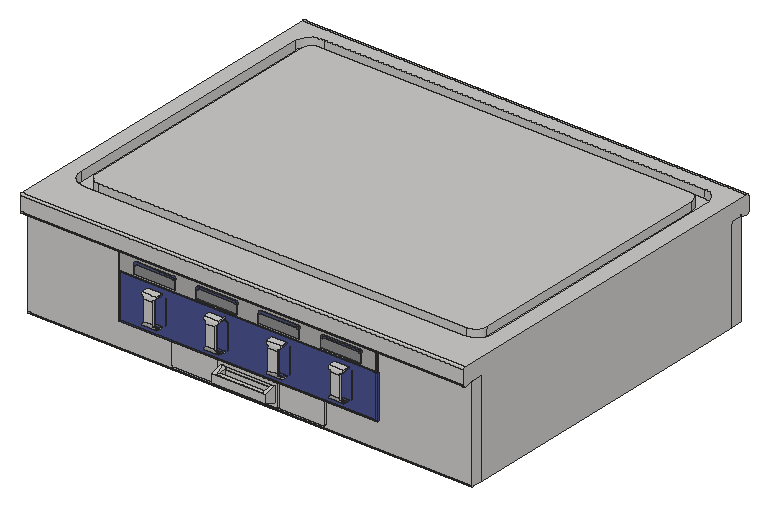
Revit family "QF_ELECTROLUXPROFESSIONAL_588006_MALCAAHOAO", category Specialty Equipment, Revit 2018
Family settings
  Round Connector Dimension = Use Diameter
  Part Type = Normal
  Work Plane-Based = No
  Always vertical = Yes
  Cut with Voids When Loaded = No
  Shared = No
  Room Calculation Point = No
Parameters
  Weight in Pounds = 253.5  # constant formula
  Watts = 12000 VA  # 12000 W
  Volts = 400 V  # constant formula
  URL Cutsheet = ""
  Type Mark [instance] = ""
  Status [instance] = ""
  Specification by User [instance] = ""
  Specification by Manufacturer = ""
  Show Clearance [instance] = yes
  Serial Number = ""
  Seismic Rating = ""
  SMACNA No = ""
  Revision Code [instance] = ""
  Phase = 3  # constant formula
  Omniclass Number and Title = ""
  Number of Poles [instance] = 1
  NAFEM Spec ID Number = ""
  Model = "588006"
  Min Ckt Ampacity = 0 A
  Max Overcurrent Protection = 0 A
  Masterspec = ""
  Manufacturer = "ELECTROLUX"
  Item Number [instance] = ""
  Installed By [instance] = ""
  Identify Quantity as Lot [instance] = yes
  HP = "16.1 HP"
  Furnished By [instance] = ""
  Foodservice Equipment Identifier [instance] = yes
  FL Amps [instance] = if(Phase = 3, Watts / (Volts * 1.73), Watts / Volts)  # 17.341 A
  Electrical Remarks = "400 V/3N ph/50/60 Hz"  # constant formula
  Electric Connection Type [instance] = ""
  Elec Conn RI Height [instance] = 0 mm
  Elec Conn Connection Height [instance] = 0 mm
  Direct Waste Size = 0"
  Description = "EL.SOLID TOP,4 ZONES,1SIDE,1000X800X250H"
  Cycle [instance] = if([60 Hertz Option], 60 Hz, 50 Hz)  # 60 Hz
  Conn Plug = ""
  Conn Conduit = yes
  CSI MasterFormat = ""
  CSI Master Format = ""
  Back Panel [instance] = yes
  Apparent Power [instance] = if(Phase = 3, Volts * FL Amps * 1.73, Volts * FL Amps)  # 12000 VA
  60 Hertz Option [instance] = not([50 Hertz Option])  # yes
  50 Hertz Option [instance] = no
Reference planes
  plane 1 "BACK": y = -100
  plane 2: z = 0
  plane 3 "LEFT": x = 0
  plane 4 "RIGHT": x = 1000
  plane 5 "FRONT": y = -900
  plane 6 "TOP": z = 250
  plane 7: x = 500
  plane 8: y = -500
  plane 9: y = -1330
Forms (mm)
  Extrusion 1, solid, material "QF_Finishes_Stainless Steel"
    sketch origin (0, -487.128, 0) x (0, 1, 0) y (0, 0, 1)
      loop
        line (383.128, 250) -> (-408.872, 250)
        arc (-408.872, 250) -> (-411.7, 248.828) -> (-412.872, 246) r 4
        line (-412.872, 246) -> (-412.872, 214)
        arc (-412.872, 214) -> (-411.443, 210.936) -> (-408.177, 210.061) r 4
        line (-408.177, 210.061) -> (-391.509, 213) -> (-366.872, 213) -> (-366.872, 0) -> (341.128, 0) -> (341.128, 213) -> (365.765, 213) -> (382.433, 210.061)
        arc (382.433, 210.061) -> (385.699, 210.936) -> (387.128, 214) r 4
        line (387.128, 214) -> (387.128, 246)
        arc (387.128, 246) -> (385.956, 248.828) -> (383.128, 250) r 4
    from 0 to 1000
  Extrusion 2, solid, material "QF_Finishes_Stainless Steel", visible <- "Back Panel"
    sketch origin (0, 0, 0) x (0, 1, 0) y (0, 0, 1)
      loop
        line (-146, 0) -> (-120, 0) -> (-120, 215)
        arc (-120, 215) -> (-120.586, 213.586) -> (-122, 213) r 2
        line (-122, 213) -> (-146, 213) -> (-146, 0)
    from 0 to 1000
  Extrusion 3, void
    sketch origin (653.786, -55.952, 250) x (1, 0, 0) y (0, -1, 0)
      loop
        line (274.614, 755.048) -> (-582.186, 755.048)
        arc (-582.186, 755.048) -> (-608.349, 744.211) -> (-619.186, 718.048) r 37
        line (-619.186, 718.048) -> (-619.186, 115.648)
        arc (-619.186, 115.648) -> (-608.349, 89.485) -> (-582.186, 78.648) r 37
        line (-582.186, 78.648) -> (274.614, 78.648)
        arc (274.614, 78.648) -> (300.777, 89.485) -> (311.614, 115.648) r 37
        line (311.614, 115.648) -> (311.614, 718.048)
        arc (311.614, 718.048) -> (300.777, 744.211) -> (274.614, 755.048) r 37
    from 0 to 19.1
  Extrusion 4, solid, material "QF_Finishes_Stainless Steel"
    sketch origin (0, -854, 0) x (1, 0, 0) y (0, -1, 0)
      loop
        circle (955, -169) r 6.35
    from 0 to 3.2
  Extrusion 5, solid, material "QF_Finishes_Stainless Steel"
    sketch origin (653.786, -55.952, 230.9) x (1, 0, 0) y (0, 1, 0)
      loop
        line (260.814, -104.048) -> (-568.386, -104.048)
        arc (-568.386, -104.048) -> (-586.347, -111.488) -> (-593.786, -129.448) r 25.4
        line (-593.786, -129.448) -> (-593.786, -704.248)
        arc (-593.786, -704.248) -> (-586.347, -722.209) -> (-568.386, -729.648) r 25.4
        line (-568.386, -729.648) -> (260.814, -729.648)
        arc (260.814, -729.648) -> (278.774, -722.209) -> (286.214, -704.248) r 25.4
        line (286.214, -704.248) -> (286.214, -129.448)
        arc (286.214, -129.448) -> (278.774, -111.488) -> (260.814, -104.048) r 25.4
    from 0 to 19.1
  Extrusion 6, solid, material "QF_Door-Drawer Clearances", visible <- "Show Clearance", detail levels coarse
    sketch origin (537.31, -881.593, 8.62) x (0, 0, 1) y (-1, 0, 0)
      loop
        line (1.973, -134.295) -> (49.317, -134.295)
        arc (49.317, -134.295) -> (50.776, -133.691) -> (51.38, -132.232) r 2.063
        line (51.38, -132.232) -> (51.38, 206.852)
        arc (51.38, 206.852) -> (50.88, 208.549) -> (49.541, 209.705) r 3.133
        line (49.541, 209.705) -> (3.067, 209.705)
        arc (3.067, 209.705) -> (0.898, 208.807) -> (0, 206.638) r 3.067
        line (0, 206.638) -> (0, -132.322)
        arc (0, -132.322) -> (0.578, -133.717) -> (1.973, -134.295) r 1.973
    from 0 to 448.407
Cuts and joins
  Extrusion 3 cuts Extrusion 1
Lines and regions (mm)
  symbolic lines
    curve 1: line (0, -100, 0) -> (1000, -100, 0)
    curve 2: line (0, -900, 0) -> (0, -100, 0)
    curve 3: line (1000, -900, 0) -> (0, -900, 0)
    curve 4: line (1000, -100, 0) -> (1000, -900, 0)
    curve 5: line (273.641, -902.326, 0) -> (273.641, -900, 0)
    curve 6: spline (279.31, -903.73, 0) -> (278.831, -903.657, 0) -> (278.353, -903.575, 0) -> (277.876, -903.486, 0) -> (277.4, -903.389, 0) -> (276.925, -903.283, 0) -> (276.452, -903.17, 0) -> (275.98, -903.049, 0) -> (275.509, -902.92, 0) -> (275.039, -902.783, 0) -> (274.572, -902.638, 0) -> (274.105, -902.486, 0) -> (273.641, -902.326, 0)
    curve 7: line (305.857, -902.326, 0) -> (305.857, -900, 0)
    curve 8: spline (305.857, -902.326, 0) -> (305.392, -902.486, 0) -> (304.926, -902.638, 0) -> (304.458, -902.783, 0) -> (303.989, -902.92, 0) -> (303.518, -903.049, 0) -> (303.046, -903.17, 0) -> (302.572, -903.283, 0) -> (302.098, -903.389, 0) -> (301.622, -903.486, 0) -> (301.145, -903.575, 0) -> (300.667, -903.657, 0) -> (300.188, -903.73, 0)
    curve 9: line (279.31, -903.73, 0) -> (300.188, -903.73, 0)
    curve 10: line (413.892, -902.326, 0) -> (413.892, -900, 0)
    curve 11: spline (419.561, -903.73, 0) -> (419.082, -903.657, 0) -> (418.604, -903.575, 0) -> (418.127, -903.486, 0) -> (417.651, -903.389, 0) -> (417.177, -903.283, 0) -> (416.703, -903.17, 0) -> (416.231, -903.049, 0) -> (415.76, -902.92, 0) -> (415.29, -902.783, 0) -> (414.823, -902.638, 0) -> (414.357, -902.486, 0) -> (413.892, -902.326, 0)
    curve 12: line (446.108, -902.326, 0) -> (446.108, -900, 0)
    curve 13: spline (446.108, -902.326, 0) -> (445.643, -902.486, 0) -> (445.177, -902.638, 0) -> (444.71, -902.783, 0) -> (444.24, -902.92, 0) -> (443.769, -903.049, 0) -> (443.297, -903.17, 0) -> (442.823, -903.283, 0) -> (442.349, -903.389, 0) -> (441.873, -903.486, 0) -> (441.396, -903.575, 0) -> (440.918, -903.657, 0) -> (440.439, -903.73, 0)
    curve 14: line (419.561, -903.73, 0) -> (440.439, -903.73, 0)
    curve 15: line (726.359, -902.326, 0) -> (726.359, -900, 0)
    curve 16: spline (720.69, -903.73, 0) -> (721.169, -903.657, 0) -> (721.647, -903.575, 0) -> (722.124, -903.486, 0) -> (722.6, -903.389, 0) -> (723.075, -903.283, 0) -> (723.548, -903.17, 0) -> (724.02, -903.049, 0) -> (724.491, -902.92, 0) -> (724.961, -902.783, 0) -> (725.428, -902.638, 0) -> (725.895, -902.486, 0) -> (726.359, -902.326, 0)
    curve 17: line (694.143, -902.326, 0) -> (694.143, -900, 0)
    curve 18: spline (694.143, -902.326, 0) -> (694.608, -902.486, 0) -> (695.074, -902.638, 0) -> (695.542, -902.783, 0) -> (696.011, -902.92, 0) -> (696.482, -903.049, 0) -> (696.954, -903.17, 0) -> (697.428, -903.283, 0) -> (697.902, -903.389, 0) -> (698.378, -903.486, 0) -> (698.855, -903.575, 0) -> (699.333, -903.657, 0) -> (699.812, -903.73, 0)
    curve 19: line (720.69, -903.73, 0) -> (699.812, -903.73, 0)
    curve 20: line (586.108, -902.326, 0) -> (586.108, -900, 0)
    curve 21: spline (580.439, -903.73, 0) -> (580.918, -903.657, 0) -> (581.396, -903.575, 0) -> (581.873, -903.486, 0) -> (582.349, -903.389, 0) -> (582.823, -903.283, 0) -> (583.297, -903.17, 0) -> (583.769, -903.049, 0) -> (584.24, -902.92, 0) -> (584.71, -902.783, 0) -> (585.177, -902.638, 0) -> (585.643, -902.486, 0) -> (586.108, -902.326, 0)
    curve 22: line (553.892, -902.326, 0) -> (553.892, -900, 0)
    curve 23: spline (553.892, -902.326, 0) -> (554.357, -902.486, 0) -> (554.823, -902.638, 0) -> (555.29, -902.783, 0) -> (555.76, -902.92, 0) -> (556.231, -903.049, 0) -> (556.703, -903.17, 0) -> (557.177, -903.283, 0) -> (557.651, -903.389, 0) -> (558.127, -903.486, 0) -> (558.604, -903.575, 0) -> (559.082, -903.657, 0) -> (559.561, -903.73, 0)
    curve 24: line (580.439, -903.73, 0) -> (559.561, -903.73, 0)
    curve 36: line (914.6, -160, 0) -> (85.4, -160, 0)
    curve 37: arc (85.4, -160, 0) -> (67.439, -167.439, 0) -> (60, -185.4, 0) r 25.4
    curve 38: line (60, -185.4, 0) -> (60, -760.2, 0)
    curve 39: arc (60, -760.2, 0) -> (67.439, -778.161, 0) -> (85.4, -785.6, 0) r 25.4
    curve 40: line (85.4, -785.6, 0) -> (914.6, -785.6, 0)
    curve 41: arc (914.6, -785.6, 0) -> (932.561, -778.161, 0) -> (940, -760.2, 0) r 25.4
    curve 42: line (940, -760.2, 0) -> (940, -185.4, 0)
    curve 43: arc (940, -185.4, 0) -> (932.561, -167.439, 0) -> (914.6, -160, 0) r 25.4
    curve 44: line (446.108, -900, 0) -> (447.685, -908.767, 0)
    curve 45: line (447.685, -908.767, 0) -> (550.042, -908.767, 0)
    curve 46: line (550.042, -908.767, 0) -> (551.62, -900, 0)
  symbolic lines, style "QF_Door-Drawer Clearances"
    curve 25: line (327.605, -1330, 0) -> (327.605, -900, 0)
    curve 26: line (327.605, -1330, 0) -> (671.605, -1330, 0)
    curve 27: line (671.605, -1330, 0) -> (671.605, -900, 0)
  symbolic lines, style "SpecialityEquipment"
    curve 28: line (71.6, -134.6, 0) -> (928.4, -134.6, 0)
    curve 29: arc (928.4, -134.6, 0) -> (954.563, -145.437, 0) -> (965.4, -171.6, 0) r 37
    curve 30: line (965.4, -171.6, 0) -> (965.4, -772.524, 0)
    curve 31: arc (965.4, -772.524, 0) -> (954.131, -799.731, 0) -> (926.924, -811, 0) r 38.476
    curve 32: line (926.924, -811, 0) -> (71.6, -811, 0)
    curve 33: arc (71.6, -811, 0) -> (45.437, -800.163, 0) -> (34.6, -774, 0) r 37
    curve 34: line (34.6, -774, 0) -> (34.6, -171.6, 0)
    curve 35: arc (34.6, -171.6, 0) -> (45.437, -145.437, 0) -> (71.6, -134.6, 0) r 37
Dimensions and locks
  plane 3 "LEFT" to plane 4 "RIGHT" = 1000 mm
  plane 5 "FRONT" to plane 1 "BACK" = 800 mm
  equal spacing: plane 3 "LEFT", plane 7, plane 4 "RIGHT"
  equal spacing: plane 5 "FRONT", plane 8, plane 1 "BACK"
  plane 6 "TOP" to level = 250 mm  (x2)
  plane 1 "BACK" to plane 5 "FRONT" = 800 mm
  Extrusion 4 sketch curve to plane 1 "BACK" = 585 mm
  Extrusion 4 sketch curve to plane 4 "RIGHT" = 45 mm
  plane 5 "FRONT" to plane 9 = 430 mm
  aligned and locked: level to plane 2
  aligned and locked: cut or joined group of Extrusion 1, Extrusion 3 to plane 4 "RIGHT"
  aligned and locked: Extrusion 2 to plane 4 "RIGHT"
  aligned and locked: plane 7 to nested 1
Automatic sketch dimensions
  Extrusion 2 sketch curve to Extrusion 2 sketch curve = 26 mm
  plane 1 "BACK" to Extrusion 2 sketch curve = 22 mm
  Extrusion 2 sketch curve to Extrusion 2 sketch curve = 2 mm
  level to Extrusion 2 sketch curve = 213 mm
  Extrusion 1 sketch curve to plane 5 "FRONT" = 0 mm
  Extrusion 1 sketch curve to plane 6 "TOP" = 0 mm
  Extrusion 1 sketch curve to level = 0 mm
  Extrusion 1 sketch curve to plane 1 "BACK" = 0 mm
  Extrusion 1 sketch curve to plane 6 "TOP" = 37 mm  (x2)
  Extrusion 1 sketch curve to plane 5 "FRONT" = 4 mm
  Extrusion 1 sketch curve to plane 5 "FRONT" = 21.363 mm
  Extrusion 1 sketch curve to plane 5 "FRONT" = 46 mm
  plane 1 "BACK" to Extrusion 1 sketch curve = 21.363 mm
  plane 1 "BACK" to Extrusion 1 sketch curve = 4 mm  (x2)
  Extrusion 1 sketch curve to Extrusion 1 sketch curve = 4 mm
  Extrusion 1 sketch curve to Extrusion 1 sketch curve = 0.695 mm
  Extrusion 1 sketch curve to Extrusion 1 sketch curve = 0 mm  (x4)
  plane 1 "BACK" to Extrusion 1 sketch curve = 4.695 mm
  Extrusion 1 sketch curve to Extrusion 1 sketch curve = 1 mm  (x2)
  plane 1 "BACK" to Extrusion 1 sketch curve = 46 mm
  plane 5 "FRONT" to curve 25 = 0 mm
  plane 5 "FRONT" to curve 27 = 0 mm
  plane 3 "LEFT" to curve 25 = 327.605 mm
  plane 7 to curve 27 = 171.605 mm
  curve 25 to curve 25 = 430 mm
  level to Extrusion 6 sketch curve = 8.62 mm
  level to Extrusion 6 sketch curve = 57.937 mm
  plane 7 to Extrusion 6 sketch curve = 171.605 mm
  Extrusion 6 sketch curve to Extrusion 6 sketch curve = 1.973 mm
  Extrusion 6 sketch curve to Extrusion 6 sketch curve = 3.067 mm
  Extrusion 6 sketch curve to Extrusion 6 sketch curve = 46.474 mm
  Extrusion 6 sketch curve to Extrusion 6 sketch curve = 2.063 mm
  Extrusion 6 sketch curve to Extrusion 6 sketch curve = 3.133 mm
  plane 3 "LEFT" to Extrusion 6 sketch curve = 330.672 mm
  plane 3 "LEFT" to curve 34 = 34.6 mm
  curve 34 to curve 38 = 25.4 mm
  curve 37 to curve 35 = 11.6 mm
  curve 39 to curve 33 = 11.6 mm
  curve 33 to curve 39 = 13.8 mm
  curve 35 to curve 37 = 13.8 mm
  plane 7 to curve 36 = 414.6 mm
  plane 7 to curve 41 = 414.6 mm
  curve 40 to curve 32 = 12.324 mm
  curve 36 to curve 29 = 13.8 mm
  curve 29 to curve 43 = 11.6 mm  (x2)
  curve 33 to plane 5 "FRONT" = 89 mm
  curve 40 to curve 31 = 13.076 mm
  plane 1 "BACK" to curve 43 = 85.4 mm
  curve 38 to curve 34 = 13.8 mm
  Extrusion 1 to Extrusion 3 sketch curve = 34.6 mm  (x2)
  Extrusion 1 to Extrusion 3 sketch curve = 85 mm
  Extrusion 3 sketch curve to Extrusion 3 sketch curve = 37 mm  (x4)
  Extrusion 1 to Extrusion 3 sketch curve = 30.6 mm
  Extrusion 5 sketch curve to Extrusion 3 = 25.4 mm  (x4)
  Extrusion 5 sketch curve to Extrusion 5 sketch curve = 25.4 mm  (x4)
  plane 1 "BACK" to curve 1 = 0 mm
  curve 1 to plane 4 "RIGHT" = 0 mm
  curve 3 to plane 3 "LEFT" = 0 mm
  plane 5 "FRONT" to curve 5 = 2.326 mm
  plane 5 "FRONT" to curve 46 = 0 mm
  plane 5 "FRONT" to curve 15 = 2.326 mm
  plane 7 to curve 15 = 226.359 mm
  plane 5 "FRONT" to curve 19 = 3.73 mm
  curve 15 to curve 19 = 5.669 mm
  curve 16 to curve 19 = 20.878 mm
  plane 5 "FRONT" to curve 17 = 2.326 mm
  curve 18 to curve 17 = 5.669 mm
  plane 5 "FRONT" to curve 20 = 2.326 mm
  plane 7 to curve 20 = 86.108 mm
  plane 5 "FRONT" to curve 24 = 3.73 mm
  curve 20 to curve 24 = 5.669 mm
  curve 21 to curve 24 = 20.878 mm
  plane 5 "FRONT" to curve 22 = 2.326 mm
  curve 24 to curve 22 = 5.669 mm
  plane 5 "FRONT" to curve 44 = 8.767 mm
  curve 44 to plane 7 = 52.315 mm
  curve 44 to curve 44 = 1.578 mm
  curve 12 to curve 14 = 5.669 mm
  plane 5 "FRONT" to curve 14 = 3.73 mm
  curve 14 to curve 14 = 20.878 mm
  plane 5 "FRONT" to curve 10 = 2.326 mm
  curve 11 to curve 10 = 5.669 mm
  plane 5 "FRONT" to curve 7 = 2.326 mm
  curve 10 to curve 7 = 108.035 mm
  plane 5 "FRONT" to curve 9 = 3.73 mm
  curve 7 to curve 9 = 5.669 mm
  curve 8 to curve 9 = 20.878 mm
  curve 6 to curve 5 = 5.669 mm
  plane 5 "FRONT" to curve 16 = 4.032 mm
  curve 16 to curve 16 = 4.17 mm
  plane 5 "FRONT" to curve 18 = 4.032 mm
  curve 18 to curve 19 = 4.17 mm
  plane 5 "FRONT" to curve 21 = 4.032 mm
  curve 21 to curve 21 = 4.17 mm
  curve 21 to curve 23 = 12.538 mm
  curve 22 to curve 46 = 2.272 mm
  curve 23 to curve 46 = 3.85 mm
  curve 12 to curve 13 = 9.839 mm
  curve 13 to curve 11 = 12.538 mm
  curve 7 to curve 8 = 9.839 mm
  curve 8 to curve 6 = 12.538 mm
  curve 12 to curve 12 = 2.326 mm
  curve 8 to plane 5 "FRONT" = 39.101 mm
  curve 11 to plane 5 "FRONT" = 39.101 mm
  curve 11 to curve 13 = 0 mm
  curve 6 to curve 8 = 0 mm
  curve 23 to curve 21 = 0 mm
  Extrusion 2 sketch curve to level = 0 mm
  radius of Extrusion 4 sketch curve = 6.35 mm
Nested families
  nested 1: "EST_800_1000 Front Panel Four Controls" at (-100, -854, -650), type "EST_800_1000 Front Panel Four Controls"
Connectors
  electrical at (955, -685, -3.2), driven by "Volts", driven by "Watts"
    settings: on Extrusion 4, index 1, voltage 400 V, apparent load 12000 VA, apparent load phase1 0 VA, apparent load phase2 0 VA, apparent load phase3 0 VA, power factor 1, load classification "Other", number of poles 1, system type 30, power factor state 1, is connector primary yes, connector utility no, sub classification motor no, connector description "ELECTRICAL CONNECTION"
Definition of nested family "EST_800_1000 Front Panel Four Controls"
  Parameters
    Keynote = ""
  Reference planes
    plane 1 "Center (Front/Back)": y = 0
    plane 2: z = 0
    plane 3 "Center (Left/Right)": x = 100
    plane 4: x = 600
    plane 5: x = 389.749
    plane 6: x = 530
    plane 7: x = 670.079
    plane 8: x = 809.948
  Forms (mm)
    Extrusion 1, void
      sketch origin (1213.217, 829.203, -1.25) x (1, 0, 0) y (0, 0, 1)
        loop
          line (-321.217, 853.25) -> (-905.217, 853.25) -> (-905.217, 711.25) -> (-321.217, 711.25) -> (-321.217, 853.25)
      from 843.409 to 854.203
    Extrusion 2, solid
      sketch origin (1133.217, 829.203, -1.25) x (0, 1, 0) y (0, 0, 1)
        loop
          arc (-854.203, 654.25) -> (-853.324, 652.129) -> (-851.203, 651.25) r 3
          line (-851.203, 651.25) -> (-829.203, 651.25) -> (-829.203, 864.25) -> (-854.203, 864.25) -> (-854.203, 654.25)
      from -1033.217 to -33.217
  Dimensions and locks
    aligned and locked: plane 4 to nested 6
  Nested families
    nested 1: "1200 Glass Panel with Four Reads" at (308, -30, 5.811), type "1200 Glass Panel with Four Reads"
    nested 2: "Sml  Range Control Handle" at (389.749, -26.645, -204.867), type "Sml  Range Control Handle"
    nested 3: "Sml  Range Control Handle" at (529.638, -26.645, -204.867), type "Sml  Range Control Handle"
    nested 4: "Sml  Range Control Handle" at (670.079, -26.645, -204.867), type "Sml  Range Control Handle"
    nested 5: "Sml  Range Control Handle" at (810.079, -26.645, -204.867), type "Sml  Range Control Handle"
    nested 6: "grease trap door1" at (667.599, -25, 0.608) x (-1, 0, 0) z (0, 0, 1), type "grease trap door"
  Definition of nested family "1200 Glass Panel with Four Reads"
    Reference planes
      plane 1 "Center (Front/Back)": y = 0
      plane 2: z = 0
      plane 3 "Center (Left/Right)": x = 0
      plane 4: x = 584
      plane 5: x = 581.091
      plane 6 "Top": z = 846.189
      plane 7 "Center": x = 292
    Forms (mm)
      Extrusion 1, solid
        sketch origin (550.286, 304.8, -4.308) x (1, 0, 0) y (0, 0, 1)
          loop
            line (-550.286, 806.791) -> (-550.286, 708.497) -> (33.714, 708.497) -> (33.714, 806.791) -> (-550.286, 806.791)
        from 300.031 to 304.8
      Extrusion 2, solid
        sketch origin (550.286, 304.8, -4.308) x (1, 0, 0) y (0, 0, 1)
          loop
            line (-550.286, 850.497) -> (-550.286, 806.791) -> (33.714, 806.791) -> (33.714, 850.497) -> (-550.286, 850.497)
        from 300.031 to 304.8
      Extrusion 3, void
        sketch origin (550.286, 304.8, -4.308) x (1, 0, 0) y (0, 0, 1)
          loop
            line (-547.628, 847.565) -> (-547.628, 710.699) -> (30.804, 710.699) -> (30.804, 847.565) -> (-547.628, 847.565)
        from 303.697 to 304.8
      Extrusion 4, solid, not visible
        sketch origin (550.286, 305.901, -4.308) x (1, 0, 0) y (0, 0, 1)
          loop
            line (-153.041, 812.62) -> (-153.041, 834.177) -> (-157.775, 834.177) -> (-159.574, 835.977) -> (-238.324, 835.977) -> (-240.124, 834.177) -> (-245.041, 834.177) -> (-245.041, 812.62) -> (-153.041, 812.62)
        from 304.798 to 306.745
      Extrusion 5, solid, not visible
        sketch origin (550.286, 305.901, -4.308) x (1, 0, 0) y (0, 0, 1)
          loop
            line (-240.027, 834.177) -> (-238.227, 835.977) -> (-159.594, 835.977) -> (-157.794, 834.177) -> (-153.083, 834.177)
            arc (-153.083, 834.177) -> (-154.26, 838.752) -> (-158.535, 840.763) r 5.549
            line (-158.535, 840.763) -> (-239.444, 840.763)
            arc (-239.444, 840.763) -> (-243.699, 838.747) -> (-244.835, 834.177) r 5.5
            line (-244.835, 834.177) -> (-240.027, 834.177)
        from 304.798 to 306.745
      Extrusion 6, solid
        sketch origin (700.989, 305.901, -4.308) x (1, 0, 0) y (0, 0, 1)
          loop
            line (-153.041, 812.62) -> (-153.041, 834.177) -> (-157.775, 834.177) -> (-159.574, 835.977) -> (-238.324, 835.977) -> (-240.124, 834.177) -> (-245.041, 834.177) -> (-245.041, 812.62) -> (-153.041, 812.62)
        from 304.798 to 306.745
      Extrusion 7, solid
        sketch origin (700.989, 305.901, -4.308) x (1, 0, 0) y (0, 0, 1)
          loop
            line (-240.027, 834.177) -> (-238.227, 835.977) -> (-159.594, 835.977) -> (-157.794, 834.177) -> (-153.083, 834.177)
            arc (-153.083, 834.177) -> (-154.26, 838.752) -> (-158.535, 840.763) r 5.549
            line (-158.535, 840.763) -> (-239.444, 840.763)
            arc (-239.444, 840.763) -> (-243.699, 838.747) -> (-244.835, 834.177) r 5.5
            line (-244.835, 834.177) -> (-240.027, 834.177)
        from 304.798 to 306.745
      Extrusion 8, solid
        sketch origin (560.989, 305.901, -4.308) x (1, 0, 0) y (0, 0, 1)
          loop
            line (-153.041, 812.62) -> (-153.041, 834.177) -> (-157.775, 834.177) -> (-159.574, 835.977) -> (-238.324, 835.977) -> (-240.124, 834.177) -> (-245.041, 834.177) -> (-245.041, 812.62) -> (-153.041, 812.62)
        from 304.798 to 306.745
      Extrusion 9, solid
        sketch origin (560.989, 305.901, -4.308) x (1, 0, 0) y (0, 0, 1)
          loop
            line (-240.027, 834.177) -> (-238.227, 835.977) -> (-159.594, 835.977) -> (-157.794, 834.177) -> (-153.083, 834.177)
            arc (-153.083, 834.177) -> (-154.26, 838.752) -> (-158.535, 840.763) r 5.549
            line (-158.535, 840.763) -> (-239.444, 840.763)
            arc (-239.444, 840.763) -> (-243.699, 838.747) -> (-244.835, 834.177) r 5.5
            line (-244.835, 834.177) -> (-240.027, 834.177)
        from 304.798 to 306.745
      Extrusion 10, solid
        sketch origin (700.989, 305.901, -4.308) x (1, 0, 0) y (0, 0, 1)
          loop
            line (-665.188, 812.62) -> (-573.188, 812.62) -> (-573.188, 834.177) -> (-578.105, 834.177) -> (-579.905, 835.977) -> (-658.655, 835.977) -> (-660.455, 834.177) -> (-665.188, 834.177) -> (-665.188, 812.62)
        from 304.798 to 306.745
      Extrusion 11, solid
        sketch origin (700.989, 305.901, -4.308) x (1, 0, 0) y (0, 0, 1)
          loop
            line (-578.203, 834.177) -> (-573.394, 834.177)
            arc (-573.394, 834.177) -> (-574.53, 838.747) -> (-578.786, 840.763) r 5.5
            line (-578.786, 840.763) -> (-659.695, 840.763)
            arc (-659.695, 840.763) -> (-663.97, 838.752) -> (-665.146, 834.177) r 5.549
            line (-665.146, 834.177) -> (-660.435, 834.177) -> (-658.636, 835.977) -> (-580.003, 835.977) -> (-578.203, 834.177)
        from 304.798 to 306.745
      Extrusion 12, solid
        sketch origin (560.989, 305.901, -4.308) x (1, 0, 0) y (0, 0, 1)
          loop
            line (-385.188, 812.62) -> (-293.188, 812.62) -> (-293.188, 834.177) -> (-298.105, 834.177) -> (-299.905, 835.977) -> (-378.655, 835.977) -> (-380.455, 834.177) -> (-385.188, 834.177) -> (-385.188, 812.62)
        from 304.798 to 306.745
      Extrusion 13, solid
        sketch origin (560.989, 305.901, -4.308) x (1, 0, 0) y (0, 0, 1)
          loop
            line (-298.203, 834.177) -> (-293.394, 834.177)
            arc (-293.394, 834.177) -> (-294.53, 838.747) -> (-298.786, 840.763) r 5.5
            line (-298.786, 840.763) -> (-379.695, 840.763)
            arc (-379.695, 840.763) -> (-383.97, 838.752) -> (-385.146, 834.177) r 5.549
            line (-385.146, 834.177) -> (-380.435, 834.177) -> (-378.636, 835.977) -> (-300.003, 835.977) -> (-298.203, 834.177)
        from 304.798 to 306.745
    Cuts and joins
      Extrusion 3 cuts Extrusion 1
      Extrusion 3 cuts Extrusion 2
    Lines and regions (mm)
      symbolic lines
        curve 1: line (0, 4.769, 0) -> (584, 4.769, 0)
    Dimensions and locks
      aligned and locked: Extrusion 1 to Extrusion 2
      aligned and locked: Extrusion 6 to Extrusion 7
      aligned and locked: Extrusion 8 to Extrusion 9
      aligned and locked: Extrusion 10 to Extrusion 11
      aligned and locked: Extrusion 12 to Extrusion 13
  Definition of nested family "Sml  Range Control Handle"
    Reference planes
      plane 1 "Center (Front/Back)": y = 0
      plane 2: z = 0
      plane 3 "Center (Left/Right)": x = 0
      plane 4: z = 971.092
    Forms (mm)
      Extrusion 1, solid
        sketch origin (-746.28, 380.497, 208.931) x (-1, 0, 0) y (0, 0, 1)
          loop
            line (-770.101, 786.798) -> (-770.101, 731.649)
            arc (-770.101, 731.649) -> (-769.759, 730.563) -> (-768.855, 729.87) r 1.893
            line (-768.855, 729.87) -> (-763.474, 727.911) -> (-729.81, 727.911) -> (-724.428, 729.87)
            arc (-724.428, 729.87) -> (-723.525, 730.563) -> (-723.183, 731.649) r 1.893
            line (-723.183, 731.649) -> (-723.183, 786.798)
            arc (-723.183, 786.798) -> (-723.529, 787.894) -> (-724.44, 788.593) r 1.91
            line (-724.44, 788.593) -> (-729.683, 790.819) -> (-763.601, 790.819) -> (-768.844, 788.593)
            arc (-768.844, 788.593) -> (-769.755, 787.894) -> (-770.101, 786.798) r 1.91
        from -382.35 to -378.852
      Sweep 2, solid
        path origin (-746.788, 380.496, 208.091) x (0, -1, 0) y (0, 0, 1)
          loop
            line (379.775, 793.281) -> (395.661, 791.048)
            arc (395.661, 791.048) -> (397.781, 787.377) -> (398.517, 783.202) r 12.207
            line (398.517, 783.202) -> (398.517, 737.368)
            arc (398.517, 737.368) -> (397.781, 733.193) -> (395.661, 729.522) r 12.207
            line (395.661, 729.522) -> (379.775, 727.289)
        profile origin (-746.788, -7.222, 1000.256) x (0, -0.139173, 0.990268) y (-1, 0, 0)
          loop
            line (0.782, -763.123) -> (0.782, -730.907) -> (-1.322, -730.907) -> (-1.322, -763.123) -> (0.782, -763.123)
      Sweep 3, solid
        path origin (-746.788, 380.715, 207.832) x (0, -1, 0) y (0, 0, 1)
          loop
            line (380.478, 795.442) -> (397.218, 793.09)
            arc (397.218, 793.09) -> (399.929, 788.473) -> (400.871, 783.202) r 15.207
            line (400.871, 783.202) -> (400.871, 737.584)
            arc (400.871, 737.584) -> (399.914, 732.274) -> (397.164, 727.633) r 15.207
            line (397.164, 727.633) -> (380.601, 725.305)
        profile origin (-746.788, -8.132, 1002.099) x (0, -0.139173, 0.990268) y (-1, 0, 0)
          loop
            line (0.782, -763.123) -> (0.782, -730.907) -> (-1.322, -730.907) -> (-1.322, -763.123) -> (0.782, -763.123)
      Extrusion 4, void
        sketch origin (889.253, 220.666, 207.993) x (1, 0, 0) y (0, 0, 1)
          loop
            line (-943.038, 816.854) -> (-943.038, 703.686) -> (-899.466, 734.196) -> (-899.466, 786.344) -> (-943.038, 816.854)
        from 230.636 to 242.25
      Extrusion 5, void
        sketch origin (-888.8, 220.666, 207.993) x (-1, 0, 0) y (0, 0, -1)
          loop
            line (-943.038, -816.854) -> (-899.466, -786.344) -> (-899.466, -734.196) -> (-943.038, -703.686) -> (-943.038, -816.854)
        from 230.636 to 242.25
      Extrusion 6, solid
        sketch origin (0, 0, 0) x (1, 0, 0) y (0, 0, 1)
          loop
            circle (0, 971.092) r 7.736
        from -3.137 to -1.645
    Cuts and joins
      Extrusion 4, Extrusion 5 cuts Sweep 3
      Extrusion 4, Extrusion 5 cuts Sweep 2
      joined: Extrusion 1, Extrusion 6
    Lines and regions (mm)
      symbolic lines
        curve 1: line (23.821, 1.645, 0) -> (-23.097, 1.645, 0)
        curve 2: line (16.334, -1.853, 0) -> (23.821, -1.853, 0)
        curve 3: line (-15.881, -19.189, 0) -> (-15.881, -1.853, 0)
        curve 4: line (-23.097, -1.853, 0) -> (-15.881, -1.853, 0)
        curve 5: line (16.334, -19.189, 0) -> (16.334, -1.853, 0)
        curve 6: spline (-15.881, -19.189, 0) -> (-15.417, -19.349, 0) -> (-14.951, -19.501, 0) -> (-14.483, -19.646, 0) -> (-14.014, -19.783, 0) -> (-13.543, -19.912, 0) -> (-13.071, -20.033, 0) -> (-12.597, -20.146, 0) -> (-12.122, -20.251, 0) -> (-11.646, -20.349, 0) -> (-11.169, -20.438, 0) -> (-10.691, -20.52, 0) -> (-10.213, -20.593, 0)
        curve 7: spline (10.666, -20.593, 0) -> (11.144, -20.52, 0) -> (11.622, -20.438, 0) -> (12.099, -20.349, 0) -> (12.575, -20.251, 0) -> (13.05, -20.146, 0) -> (13.524, -20.033, 0) -> (13.996, -19.912, 0) -> (14.467, -19.783, 0) -> (14.936, -19.646, 0) -> (15.404, -19.501, 0) -> (15.87, -19.349, 0) -> (16.334, -19.189, 0)
        curve 8: line (-10.213, -20.938, 0) -> (10.716, -20.938, 0)
        curve 9: line (-23.097, 1.645, 0) -> (-23.097, -1.853, 0)
        curve 10: line (23.821, 1.645, 0) -> (23.821, -1.853, 0)
    Dimensions and locks
      cut or joined group of Sweep 3, Extrusion 4, Extrusion 5 to cut or joined group of Sweep 3, Extrusion 4, Extrusion 5 = 71.686 mm
  Definition of nested family "grease trap door1"
    Reference planes
      plane 1 "Center (Front/Back)": y = 0
      plane 2: z = 0
      plane 3 "Center (Left/Right)": x = 0
    Forms (mm)
      Extrusion 1, solid
        sketch origin (1627.55, 854.203, -1.25) x (1, 0, 0) y (0, 0, 1)
          loop
            arc (-1627.55, 661.235) -> (-1626.972, 659.84) -> (-1625.577, 659.262) r 1.973
            line (-1625.577, 659.262) -> (-1494.325, 659.262)
            arc (-1494.325, 659.262) -> (-1492.156, 660.16) -> (-1491.258, 662.329) r 3.067
            line (-1491.258, 662.329) -> (-1491.258, 708.803)
            arc (-1491.258, 708.803) -> (-1492.414, 710.143) -> (-1494.111, 710.642) r 3.133
            line (-1494.111, 710.642) -> (-1625.486, 710.642)
            arc (-1625.486, 710.642) -> (-1626.945, 710.038) -> (-1627.55, 708.579) r 2.063
            line (-1627.55, 708.579) -> (-1627.55, 661.235)
        from 856.795 to 859.203
      Extrusion 2, solid
        sketch origin (445.874, 2476.61, 0) x (0, 1, 0) y (0, 0, 1)
          loop
            line (-2506.377, 675.273) -> (-2481.61, 667.505) -> (-2481.61, 700.995) -> (-2506.377, 693.227) -> (-2506.377, 675.273)
        from -437.68 to -317.68
      Extrusion 3, void
        sketch origin (1627.55, 854.203, -1.25) x (1, 0, 0) y (0, 0, 1)
          loop
            line (-1614.883, 703) -> (-1610.542, 695.433) -> (-1508.17, 695.433) -> (-1503.828, 703) -> (-1614.883, 703)
          loop
            line (-1614.883, 668) -> (-1502.669, 668) -> (-1507.01, 675.567) -> (-1610.542, 675.567) -> (-1614.883, 668)
        from 832.916 to 883.97
      Extrusion 4, void
        sketch origin (447.55, 854.203, -1.25) x (1, 0, 0) y (0, 0, 1)
          loop
            line (-430.542, 695.433) -> (-430.542, 675.567) -> (-328.17, 675.567) -> (-328.17, 695.433) -> (-430.542, 695.433)
        from 859.203 to 874.202
      Extrusion 5, solid
        sketch origin (1627.55, 854.203, -1.25) x (1, 0, 0) y (0, 0, 1)
          loop
            arc (-1731.556, 661.235) -> (-1730.978, 659.84) -> (-1729.583, 659.262) r 1.973
            line (-1729.583, 659.262) -> (-1390.623, 659.262)
            arc (-1390.623, 659.262) -> (-1388.454, 660.16) -> (-1387.556, 662.329) r 3.067
            line (-1387.556, 662.329) -> (-1387.556, 708.803)
            arc (-1387.556, 708.803) -> (-1388.712, 710.143) -> (-1390.409, 710.642) r 3.133
            line (-1390.409, 710.642) -> (-1729.493, 710.642)
            arc (-1729.493, 710.642) -> (-1730.952, 710.038) -> (-1731.556, 708.579) r 2.063
            line (-1731.556, 708.579) -> (-1731.556, 661.235)
        from 854.203 to 856.795
    Cuts and joins
      Extrusion 3 cuts Extrusion 1
      Extrusion 3, Extrusion 4 cuts Extrusion 2
      joined: Extrusion 1, Extrusion 2
    Lines and regions (mm)
      symbolic lines
        curve 1: line (0, -2.593, 0) -> (136.292, -2.593, 0)
        curve 2: line (17.557, -29.767, 0) -> (12.667, -2.593, 0)
        curve 3: line (17.557, -29.767, 0) -> (119.991, -29.767, 0)
        curve 4: line (119.991, -29.767, 0) -> (124.881, -2.593, 0)
        curve 5: line (68.146, -2.593, 0) -> (68.146, -29.767, 0)
      model lines
        curve 6: line (67.599, 0, 658.012) -> (67.599, 0, 709.392)
    Dimensions and locks
      aligned and locked: Extrusion 2 to Extrusion 1
      aligned and locked: Extrusion 3 to Extrusion 2
      aligned and locked: Extrusion 4 to Extrusion 1
